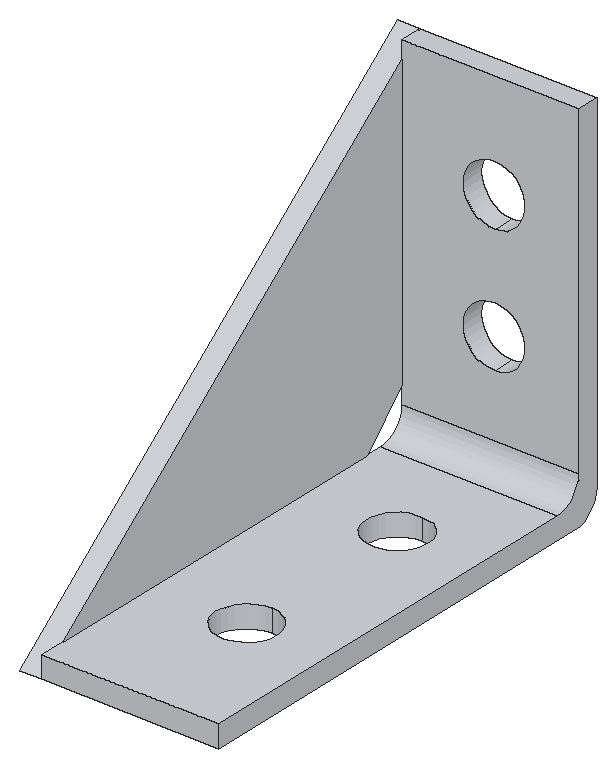
Revit family "MP19", category Generic Models, Revit 2017
Family settings
  Can host rebar = No
  Round Connector Dimension = Use Diameter
  Part Type = Normal
  Work Plane-Based = Yes
  Always vertical = No
  Cut with Voids When Loaded = No
  Shared = No
  Room Calculation Point = No
Parameters (values of type "NBS Standard Parameters")
  Weight = "0.4125Kg"
  WarrantyStartDate [instance] = "1900-12-31T23:59:59"
  WarrantyGuarantorParts = "n/a"
  WarrantyGuarantorLabor = "n/a"
  WarrantyDurationUnit = "1 year"
  WarrantyDurationParts = "n/a"
  WarrantyDurationLabor = "n/a"
  WarrantyDescription = "n/a"
  Version = "1"
  Uniclass2 = "Pr_65_70_11_19"
  TagNumber [instance] = "n/a"
  SustainabilityPerformance = "n/a"
  Size = "90 Degree"
  Shape = "Angle"
  SerialNumber [instance] = "n/a"
  Revision = "n/a"
  ReplacementCost = "n/a"
  ProductInformation = "www.metpro.co.uk/pdf/mp19.pdf"
  NominalWidth = 42 mm
  NominalLength = 102 mm
  NominalHeight = 80 mm
  Name = ""
  NBSTypeID = ""
  NBSReference = "90-55-10/305"
  NBSOfficeMasterTag = ""
  NBSNote = ""
  NBSDescription = "Channel Cable Supports"
  NBSCertification = ""
  ModelReference = "MP19"
  ModelNumber = "n/a"
  Material = "Steel"
  ManufacturerURL = "www.metpro.co.uk"
  ManufacturerName = "Metpro Ltd"
  Keynote = "Compliant to LU Standard 1-085"
  InstallationDate [instance] = "1900-12-31T23:59:59"
  IfcExportType = ""
  IfcExportAs = ""
  Grade = "n/a"
  Finish = "Hot Dipped Galvanised"
  Features = "n/a"
  ExpectedLife = "n/a"
  DurationUnit = "year"
  Description = "MP19  2 + 2 Hole 90 Degree Gusset Shelf Bracket"
  Default Elevation = 1219.2 mm
  Constituents = "n/a"
  Color = "n/a"
  CodePerformance = "n/a"
  Category = "n/a"
  BarCode [instance] = "n/a"
  BIMObjectName = "metpro_metprolibrary_channelcablesupports_channelbracket"
  Author = "Metpro Ltd"
  AssetType = ""
  AssetIdentifier [instance] = "n/a"
  AccessibilityPerformance = "n/a"
Reference planes
  plane 1 "Center (Front/Back)": y = 0
  plane 2: z = 0
  plane 3 "Center (Left/Right)": x = 0
Forms (mm)
  Extrusion 1, solid
    sketch origin (119.148, -37.148, -20) x (0, 1, 0) y (0, 0, -1)
      loop
        line (-58.852, 0) -> (-58.852, -5) -> (37.148, -5)
        arc (37.148, -5) -> (41.391, -6.757) -> (43.148, -11) r 6
        line (43.148, -11) -> (43.148, -85) -> (48.148, -85) -> (48.148, -6)
        arc (48.148, -6) -> (46.391, -1.757) -> (42.148, 0) r 6
        line (42.148, 0) -> (-58.852, 0)
    from 0 to 40
  Extrusion 2, void
    sketch origin (119.148, 6, -17.501) x (0, 0, -1) y (-1, 0, 0)
      loop
        circle (-29.59, 19.117) r 7
      loop
        circle (-58.34, 19.117) r 7
    from 0 to 5
  Extrusion 3, solid
    sketch origin (79.148, -37.148, -20) x (0, 1, 0) y (0, 0, -1)
      loop
        line (48.148, -85) -> (48.148, -20) -> (28.148, 0) -> (-58.852, 0) -> (48.148, -85)
    from 0 to 5
  Extrusion 4, void
    sketch origin (119.148, 6, -15) x (1, 0, 0) y (0, -1, 0)
      loop
        circle (-18.756, 70.615) r 7
      loop
        circle (-18.621, 28.084) r 7
    from 0 to 5
Cuts and joins
  Extrusion 2, Extrusion 4 cuts Extrusion 1
Dimensions and locks
  aligned and locked: level to plane 2
  aligned and locked: Extrusion 2 to Extrusion 1
  aligned and locked: Extrusion 4 to Extrusion 1
